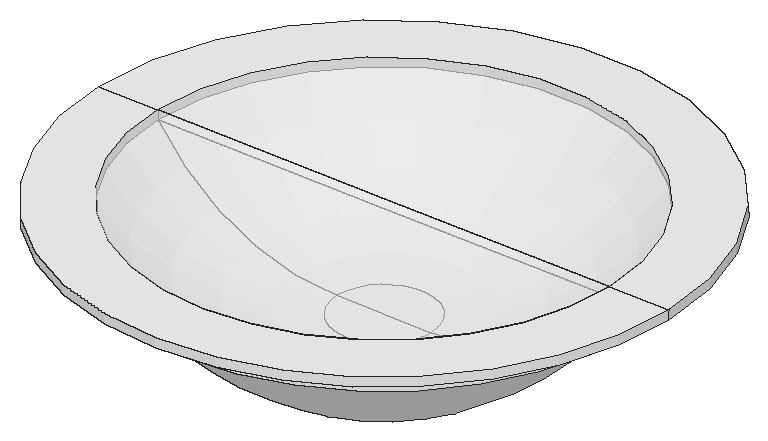
Revit family "0030335 Sylvania Lighting Fixture START Downlight 175 IP44 DALI 1575Lm 840", category Lighting Fixtures, host Face, Revit 2016
Family settings
  Host = Face
  Part Type = Normal
  Round Connector Dimension = Use Diameter
  OmniClass Number = 23.80.70.00
  OmniClass Title = Lighting
  Cut with Voids When Loaded = No
  Light Source = Yes
  Shared = No
  Room Calculation Point = No
Parameters (values of type "0030335 ST DOWNLIGHT 175 IP44 DALI 1575LM 840")
  Weight = "7.164 kg"
  Wattage Comments = ""
  Wattage = 15 W
  WarrantyStartDate [instance] = "n/a"
  WarrantyGuarantorParts = "n/a"
  WarrantyDurationUnit = "n/a"
  WarrantyDurationParts = "n/a"
  WarrantyDescription = "n/a"
  built-in parameter 1150110 = 1 (stored number, unit not read)
  Voltage = 230 V
  URL = "http://www.sylvania-lighting.com"
  TypeName = "START Downlight 175 IP44 DALI 1575Lm 840"
  Type Image = <None>
  Type Comments = "n/a"
  built-in parameter 1114217 = 1 (stored number, unit not read)
  Tilt Angle = -90.00°
  built-in parameter 1150109 = 1 (stored number, unit not read)
  built-in parameter 1150134 = 12
  built-in parameter 1150113 = 1 (stored number, unit not read)
  SerialNumber [instance] = "n/a"
  S_SYL = no
  RadiusTop_SYL = if(S_SYL, 80 mm, if(M_SYL, 100 mm, if(L_SYL, 120 mm, 120 mm)))  # 100 mm
  Photometric Web File = "0030335.ies"
  Material_3_FEILO = Top-Sylvania-STARTDownlight
  PowerFactor = 0.9
  PowerConsumption = "15 W"
  NominalLength = 195 mm
  NominalHeight = 55 mm
  NominalDepth = 195 mm
  Name = "START Downlight 175 IP44 DALI 1575Lm 840"
  ModelReference = Name  # "START Downlight 175 IP44 DALI 1575Lm 840"
  ModelNumber = "0030335"
  Model = Name  # "START Downlight 175 IP44 DALI 1575Lm 840"
  Material = "aluminium housing, polycarbonate diffuser"
  ManufacturerName = "Feilo Sylvania"
  Manufacturer = "Feilo Sylvania"
  M_SYL = yes
  LuminousEfficacy = "98.75 lm/W"
  built-in parameter 1150105 = 786.83 (stored number, unit not read)
  Lumens = 1481.29 lm
  LuminaireType = ""
  built-in parameter 1150115 = 1 (stored number, unit not read)
  LightOutputRatio = "100"
  built-in parameter 1150137 = (empty or 0)
  built-in parameter 1150139 = (empty or 0)
  LampsType = Lamp  # "LED"
  LampNominalLuminous = "1481 lm"
  LampMacAdamStep = "5"
  LampColourTemperature = "4000 K"
  LampColourRenderingIndex = "80"
  built-in parameter 1150112 = 1 (stored number, unit not read)
  built-in parameter 1150114 = 1 (stored number, unit not read)
  Lamp = "LED"
  L_SYL = no
  Keynote = "16500"
  InstallationDate [instance] = "n/a"
  InputVoltage = "220-240V~"
  InputNominalFrequency = "50/60 Hz"
  built-in parameter 1150132 = (empty or 0)
  built-in parameter 1150102 = (empty or 0)
  built-in parameter 1150107 = 4000 (stored number, unit not read)
  built-in parameter 1150138 = (empty or 0)
  IngressProtection = "IP20/44"
  ImpactProtectionIndex = "IK07"
  built-in parameter 1150106 = 7.8683 (stored number, unit not read)
  IfcExportType = "IfcLightFixtureType"
  IfcExportAs = "IfcLightFixtureType"
  Height_SYL = if(S_SYL, 41 mm, if(M_SYL, 47 mm, if(L_SYL, 56 mm, 62 mm)))  # 47 mm
  ExpectedLife = 50000
  Emit from Circle Diameter = Diameter_SYL - 40 mm  # 153 mm
  Emit Shape Visible in Rendering = no
  ElectricShockClassification = "Class II"
  built-in parameter 1150104 = 9.1745 (stored number, unit not read)
  DurationUnit = "hours"
  DocumentationLiterature = "http://www.sylvania-lighting.com/product/en-int/products/0030335"
  DimmingControlOptions = "Dimmable"
  Material_2_FEILO = Diffuser-Sylvania-STARTDownlight
  Dimming Lamp Color Temperature Shift = <None>
  Diameter_SYL = if(S_SYL, 164 mm, if(M_SYL, 193 mm, if(L_SYL, 220 mm, 240 mm)))  # 193 mm
  DiameterTop_SYL = if(S_SYL, 77 mm, if(M_SYL, 81 mm, if(L_SYL, 104 mm, 105 mm)))  # 81 mm
  DiameterRecess_SYL = if(S_SYL, 141 mm, if(M_SYL, 169 mm, if(L_SYL, 198 mm, 216 mm)))  # 169 mm
  Description = ""
  Default Elevation = 1219.2 mm
  CreatedOn = "8/1/2018"
  CreatedBy = "@sylvania-lighting.com"
  Cost = 0
  Color Filter = 16777215
  built-in parameter 1114216 [instance] = (empty or 0)
  ClassificationValue = "EF_70_80"
  ClassificationName = "Uniclass2015"
  Material_1_FEILO = Trim-Sylvania-STARTDownlight-White
  BarCode [instance] = "n/a"
  built-in parameter 1114218 = 1 (stored number, unit not read)
  built-in parameter 1150133 = 10 (stored number, unit not read)
  AssetType = "Fixed"
  AssetIdentifier [instance] = "n/a"
  Assembly Code = "D5020200"
  Apparent Load = 15 VA
  Material_4_FEILO = LED-Sylvania-STARTDownlight
Reference planes
  plane 1 "Center (Front/Back)": y = 0
  plane 2: z = 0
  plane 3 "Center (Left/Right)": x = 0
  plane 4: x = 96.5
  plane 5: x = -96.5
  plane 6: z = 3
  plane 7: z = -8
  plane 8: z = -42
  plane 9: z = -44
  plane 10: x = -84.5
  plane 11: x = 84.5
  plane 12: x = -40.5
  plane 13: x = 40.5
  plane 14: x = -76.5
  plane 15: x = 76.5
  plane 16: z = -85
  plane 17: x = -76.5
  plane 18: z = 2
  plane 19: z = -32
  plane 20: x = -16
Forms (mm)
  Revolve 1, solid
    sketch origin (0, 0, 0) x (1, 0, 0) y (0, 0, 1)
      loop
        line (-96.5, 3) -> (-96.5, 0) -> (-84.5, 0) -> (-84.5, -8) -> (-76.5, -8)
        arc (-76.5, -8) -> (-60.638, -27.264) -> (-40.5, -42) r 100
        line (-40.5, -42) -> (0, -42) -> (0, -32) -> (-16, -32)
        arc (-16, -32) -> (-50.221, -23.507) -> (-76.5, 0) r 73.191
        line (-76.5, 0) -> (-76.5, 3) -> (-96.5, 3)
      axis (0, 3) -> (0, -42)
    angle from 360 to 0
  Revolve 2, void
    sketch origin (0, 0, 0) x (1, 0, 0) y (0, 0, 1)
      loop
        line (0, 0) -> (-84.5, 0) -> (-84.5, -85) -> (0, -85) -> (0, 0)
      axis (0, 0) -> (0, -85)
    angle from 360 to 0
  Revolve 3, solid, material "Diffuser-Sylvania-STARTDownlight" <- "Material_2_FEILO"
    sketch origin (0, 0, 0) x (1, 0, 0) y (0, 0, 1)
      loop
        line (-76.5, 3) -> (-76.5, 0) -> (0, 0) -> (0, 3) -> (-76.5, 3)
      axis (0, 3) -> (0, 0)
    angle from 360 to 0
Dimensions and locks
  equal spacing: plane 4, plane 3 "Center (Left/Right)", plane 5
  "Diameter_SYL": plane 4 to plane 5
  equal spacing: plane 11, plane 3 "Center (Left/Right)", plane 10
  equal spacing: plane 13, plane 3 "Center (Left/Right)", plane 12
  "DiameterTop_SYL": plane 13 to plane 12
  equal spacing: plane 15, plane 3 "Center (Left/Right)", plane 14
  locked: plane 6 to plane 2 at 3
  "Height_SYL": plane 6 to plane 9
  locked: plane 8 to plane 9 at 2
  locked: plane 2 to plane 7 at 8
  locked: plane 2 to plane 16 at 85
  locked: plane 17 to plane 5 at 20
  locked: plane 6 to plane 18 at 1
  "DiameterRecess_SYL": plane 11 to plane 10
  locked: plane 19 to plane 8 at 10
  locked: plane 3 "Center (Left/Right)" to plane 20 at 16
  locked: plane 14 to plane 5 at 20
  "RadiusTop_SYL": radius of Revolve 1 sketch curve
  aligned and locked: plane 2 to host face
  aligned and locked: level to host face
  aligned and locked: Revolve 1 sketch curve to plane 5
  aligned and locked: Revolve 1 sketch curve to level
  aligned and locked: plane 7 to Revolve 1 sketch curve
  aligned and locked: Revolve 1 sketch curve to plane 10
  aligned and locked: plane 14 to Revolve 1 sketch curve
  aligned and locked: plane 3 "Center (Left/Right)" to Revolve 1 sketch curve
  aligned and locked: Revolve 1 sketch curve to plane 8
  aligned and locked: Revolve 1 sketch curve to plane 3 "Center (Left/Right)"
  aligned and locked: Revolve 2 sketch curve to plane 3 "Center (Left/Right)"
  aligned and locked: plane 3 "Center (Left/Right)" to Revolve 2 sketch curve
  aligned and locked: Revolve 2 sketch curve to plane 10
  aligned and locked: plane 16 to Revolve 2 sketch curve
  aligned and locked: Revolve 1 sketch curve to plane 6
  aligned and locked: plane 19 to Revolve 1 sketch curve
  aligned and locked: plane 20 to Revolve 1 sketch curve
  aligned and locked: Revolve 1 sketch curve to Revolve 1 sketch curve
  aligned and locked: plane 17 to Revolve 1 sketch curve
  aligned and locked: plane 2 to Revolve 1 sketch curve
  aligned and locked: Revolve 3 sketch curve to plane 3 "Center (Left/Right)"  (x2)
  aligned and locked: plane 3 "Center (Left/Right)" to imposter light
  aligned and locked: imposter light to plane 18
  aligned and locked: imposter light to plane 1 "Center (Front/Back)"
  aligned and locked: plane 14 to Revolve 3 sketch curve
Automatic sketch dimensions
  host sketch curve to host sketch curve = 2438.4 mm  (x2)
  plane 16 to Revolve 2 sketch curve = 524.6 mm
  Revolve 2 sketch curve to plane 6 = 2606.058 mm
  Revolve 1 sketch curve to plane 12 = 0 mm
  plane 16 to Revolve 1 sketch curve = 524.6 mm
  Revolve 1 sketch curve to Revolve 1 sketch curve = 2581.366 mm
  Revolve 2 sketch curve to level = 0 mm
  Revolve 3 sketch curve to plane 6 = 0 mm
  Revolve 3 sketch curve to level = 0 mm
  plane 16 to Revolve 3 sketch curve = 524.6 mm
  Revolve 3 sketch curve to Revolve 3 sketch curve = 2606.058 mm
Connectors
  electrical at (0, 0, 0), driven by "Apparent Load", driven by "PowerFactor", driven by "Voltage"
    settings: index 1, voltage 230 V, apparent load 15 VA, apparent load phase1 0 VA, apparent load phase2 0 VA, apparent load phase3 0 VA, power factor 0.9, load classification "Lighting", number of poles 1, system type 30, power factor state 1, is connector primary yes, connector utility no, sub classification motor no, connector description ""
